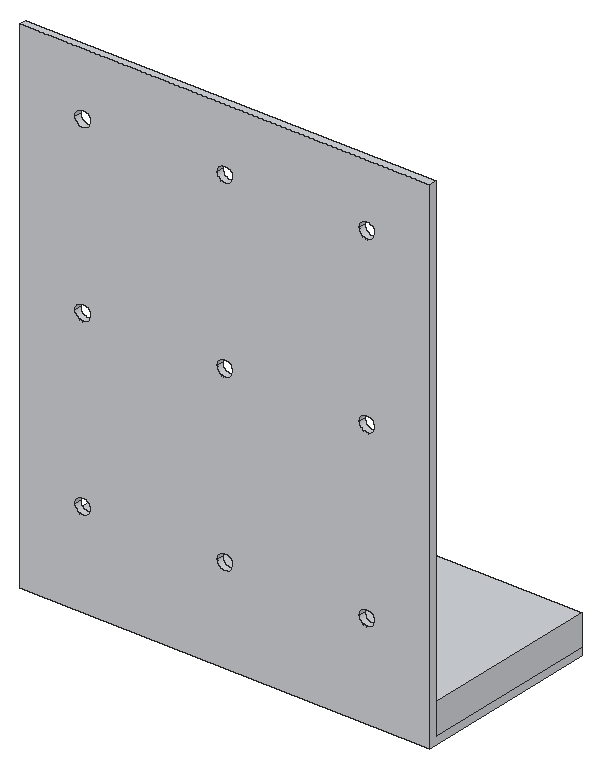
Revit family "Rigid Clip Connector with HDW (RCC) - Walls ", category Structural Connections, Revit 2024
Family settings
  Material for Model Behavior = Other
  Work Plane-Based = No
  Enable Cutting in Views = Yes
  Always vertical = No
  Cut with Voids When Loaded = No
  Shared = No
Parameters (values of type "3-1/4''")
  offset_from_edge = 0' - 0 1/2"
  hole_diameter = 0' - 0 1/8"
  d3 = 0' - 1 11/16"
  d2 = 0' - 1 1/8"
  d1 = 0' - 1 1/8"
  anchor bolt d = 0' - 0 1/2"
  URL = "https://www.marinoware.com/product-category/framerite-connectors/rigid/"
  Thickness = 0' - 0 7/128"
  Product Submittal Link = "https://www.marinoware.com/submittal/"
  Product Info = "Rigid Clip Connector (RCC) with Heavy Duty Washer (HDW)"
  Manufacturer = "Marino\\WARE®"
  Length = 0' - 3 1/4"
  Y Axis Rotation [instance] = 0.00°
  Leg2 = 0' - 1 1/2"
  X Axis Rotation [instance] = 0.00°
  Leg1 = 0' - 4"
  Flipped [instance] = no
  Z Axis Rotation [instance] = 0.00°
Types (3): name | d3 | d2 | d1 | URL | Product Submittal Link | Product Info | Manufacturer | Length
  3-1/4'' | 0' - 1 11/16" | 0' - 1 1/8" | 0' - 1 1/8" | "https://www.marinoware.com/product-category/framerite-connectors/rigid/" | "https://www.marinoware.com/submittal/" | "Rigid Clip Connector (RCC) with Heavy Duty Washer (HDW)" | "Marino\\WARE®" | 0' - 3 1/4"
  5-1/4'' | 0' - 1 11/16" | 0' - 2 1/8" | 0' - 2 1/8" | 0' - 0" | "" | "" | 0' - 0" | 0' - 5 1/4"
  7-3/4'' | 0' - 1 1/4" | 0' - 2 1/8" | 0' - 2 1/8" | 0' - 0" | "" | "" | 0' - 0" | 0' - 7 3/4"
Reference planes (in)
  plane 1 "Center (Front/Back)": y = 0
  plane 2: z = 0
  plane 3 "Center (Left/Right)": x = 0
  plane 4: y = 0.05469
  plane 5: z = 0.05469
  plane 6: z = 4
  plane 7: y = 1.5
  plane 8: x = -3.375
  plane 9: z = 3.5
  plane 10: y = 0.75
  plane 11: z = 2.125
  plane 12: z = 0.75
  plane 13: x = 0
  plane 14: x = -3.375
  plane 15: x = 3.375
  plane 16: x = 1.625
  plane 17: x = -1.625
  plane 18: x = 1.125
  plane 19: y = 0.75
  plane 20: x = -1.125
  plane 21: x = -1.6875
  plane 22: x = -0.5625
  plane 23: x = 0.5625
  plane 24: x = 2.25
  plane 25: z = 0.30469
Forms (in)
  Extrusion 1, solid
    sketch origin (-1.875, 0, 0) x (0, -1, 0) y (0, 0, -1)
      loop
        line (0, -4) -> (0, 0) -> (-1.5, 0) -> (-1.5, -0.05469) -> (-0.05469, -0.05469) -> (-0.05469, -4) -> (0, -4)
    from 0.25 to 3.5
  Extrusion 2, void
    sketch origin (0, 0, 0) x (1, 0, 0) y (0, 0, 1)
      loop
        circle (-3.375, 3.5) r 0.0625
      loop
        circle (-3.375, 2.125) r 0.0625
      loop
        circle (-3.375, 0.75) r 0.0625
      loop
        circle (-1.125, 3.5) r 0.0625
      loop
        circle (-1.125, 2.125) r 0.0625
      loop
        circle (-1.125, 0.75) r 0.0625
      loop
        circle (1.125, 3.5) r 0.0625
      loop
        circle (1.125, 2.125) r 0.0625
      loop
        circle (1.125, 0.75) r 0.0625
      loop
        circle (2.25, 3.5) r 0.0625
      loop
        circle (2.25, 2.125) r 0.0625
      loop
        circle (2.25, 0.75) r 0.0625
      loop
        circle (0, 3.5) r 0.0625
      loop
        circle (0, 2.125) r 0.0625
      loop
        circle (0, 0.75) r 0.0625
    from -0.05469 to 0
  Extrusion 3, void
    sketch origin (-1.875, 0, 0) x (1, 0, 0) y (0, 1, 0)
      loop
        circle (1.875, 0.75) r 0.25
      loop
        arc (3.25, 0.05469) -> (3, 0.30469) -> (2.75, 0.05469) r 0.25
        line (2.75, 0.05469) -> (3.25, 0.05469)
      loop
        arc (1, 0.05469) -> (0.75, 0.30469) -> (0.5, 0.05469) r 0.25
        line (0.5, 0.05469) -> (1, 0.05469)
    from 0 to 0.30469
  Extrusion 4, solid
    sketch origin (8, 0, 0) x (0, -1, 0) y (0, 0, -1)
      loop
        line (-0.05469, -0.05469) -> (-1.5, -0.05469) -> (-1.5, -0.30469) -> (-0.05469, -0.30469) -> (-0.05469, -0.05469)
    from -9.625 to -6.375
Cuts and joins
  Extrusion 2, Extrusion 3 cuts Extrusion 1
  Extrusion 3 cuts Extrusion 4
Lines and regions (in)
  reference lines, not visible
    curve 1: line (0, 0, 0) -> (3.75, 0, 0)
Dimensions and locks (in)
  "Thickness": level to plane 5
  "Thickness": plane 4 to plane 1 "Center (Front/Back)"
  "Leg1": plane 6 to level
  "Leg2": plane 7 to plane 1 "Center (Front/Back)"
  "Leg2": plane 1 "Center (Front/Back)" to plane 7
  "Length": plane 17 to plane 16
  equal spacing: plane 17, plane 3 "Center (Left/Right)", plane 16
  "d1": plane 3 "Center (Left/Right)" to plane 18
  "d1": plane 20 to plane 3 "Center (Left/Right)"
  "d2": plane 23 to plane 22 to plane 21
  "d3": plane 21 to plane 8
  "d3": plane 24 to plane 23
  locked: plane 25 to plane 5 at 0.25
  "anchor bolt d": diameter of Extrusion 3 sketch curve
  "hole_diameter": diameter of Extrusion 2 sketch curve  (x15)
  aligned and locked: plane 2 to level
  aligned and locked: plane 4 to Extrusion 1
  aligned and locked: Extrusion 1 to plane 5
  aligned and locked: Extrusion 1 to plane 7
  aligned and locked: plane 6 to Extrusion 1
  aligned and locked: plane 16 to Extrusion 1
  aligned and locked: Extrusion 1 to plane 17
  aligned and locked: Extrusion 4 to Extrusion 3
  aligned and locked: Extrusion 4 to plane 25
  aligned and locked: cut or joined group of Extrusion 1, Extrusion 2, Extrusion 3 to Extrusion 4  (x2)
Automatic sketch dimensions
  plane 1 "Center (Front/Back)" to curve 1 = 0' - 0"
  curve 1 to plane 3 "Center (Left/Right)" = 0' - 0"
  plane 16 to curve 1 = 0' - 2 1/8"
  Extrusion 1 sketch curve to plane 5 = 0' - 0"
  Extrusion 1 sketch curve to plane 7 = 0' - 0"
  Extrusion 1 sketch curve to plane 4 = 0' - 0"
  Extrusion 1 sketch curve to plane 1 "Center (Front/Back)" = 0' - 0"
  Extrusion 1 sketch curve to plane 6 = 0' - 0"
  Extrusion 1 sketch curve to level = 0' - 0"
  level to Extrusion 4 sketch curve = 0' - 0 7/128"
  Extrusion 4 sketch curve to plane 7 = 0' - 0"
  Extrusion 4 sketch curve to plane 1 "Center (Front/Back)" = 0' - 0 7/128"
  Extrusion 4 sketch curve to plane 5 = 0' - 0 1/4"
  Extrusion 2 sketch curve to plane 8 = 0' - 0"  (x3)
  Extrusion 2 sketch curve to plane 11 = 0' - 0"  (x5)
  Extrusion 2 sketch curve to plane 20 = 0' - 0"  (x3)
  Extrusion 2 sketch curve to plane 12 = 0' - 0"  (x5)
  Extrusion 2 sketch curve to plane 9 = 0' - 0"  (x5)
  Extrusion 2 sketch curve to plane 3 "Center (Left/Right)" = 0' - 0"  (x3)
  Extrusion 2 sketch curve to plane 18 = 0' - 0"  (x3)
  Extrusion 2 sketch curve to plane 24 = 0' - 0"  (x3)
  Extrusion 3 sketch curve to plane 4 = 0' - 0"  (x2)
  Extrusion 3 sketch curve to plane 20 = 0' - 0"
  Extrusion 3 sketch curve to plane 3 "Center (Left/Right)" = 0' - 0"
  Extrusion 3 sketch curve to plane 18 = 0' - 0"
  Extrusion 3 sketch curve to plane 10 = 0' - 0"
  plane 17 to Extrusion 3 sketch curve = 0' - 0 1/4"
  Extrusion 3 sketch curve to Extrusion 3 sketch curve = 0' - 0 1/4"
